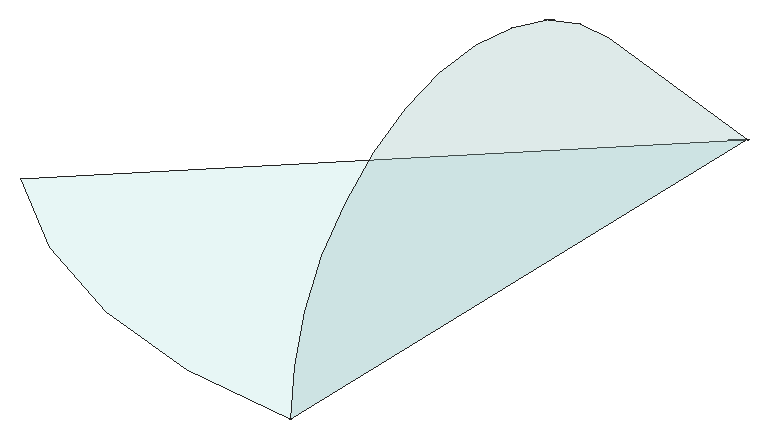
Revit family "Rotor XLR Series - IXLR44", category Acessórios do tubo, Revit 2020
Family settings
  Cota do conector redondo = Utilizar diâmetro
  Tipo de parte = Normal
  Número OmniClass = 23.60.30.11.14
  Título OmniClass = Pipework Fittings
  Com base no plano de trabalho = Não
  Sempre na vertical = Sim
  Corte com vazios quando carregada = Não
  Compartilhado = Não
Parameters (values of type "Nozzle 1.10")
  Water = Water
  URL = "https://www.rainbird.com/"
  TABLE 90 = "TABLE 90psi"
  TABLE 80 = "TABLE 80psi"
  TABLE 60 = "TABLE 60psi"
  TABLE 70 = "TABLE 70psi"
  TABLE 50 = "TABLE 50psi"
  TABLE 40 = "TABLE 40psi"
  TABLE 30 = "TABLE 30psi"
  TABLE 120 = "TABLE 120psi"
  TABLE 110 = "TABLE 110psi"
  TABLE 100 = "TABLE 100psi"
  SupportProjetos: Reviw Date = ""  # constant formula
  SupportProjetos: Reviw = "R00"  # constant formula
  SupportProjetos: Level of Detail = "LOD 300"  # constant formula
  SupportProjetos: Developed = "MICHEL SOARES MOTA"  # constant formula
  SupportProjetos: Creation Date = "14/08/2020"  # constant formula
  Side inlet = no
  Rotation Water Visibility [instance] = Pop up on  # yes
  Rotation Angle [instance] = 45.00°
  RainBird: Product Link = "https://www.rainbird.com/"
  RainBird: Description = "IXLR44 Rotor "  # constant formula
  RainBird: Comment [instance] = ""
  RainBird: Code = "IXLR44"  # constant formula
  Radius [instance] = if(and(Pressure = 30.0 psi, Instance < 10 ft), size_lookup(TABLE 30, "Radius", 0 ft, Instance), if(and(Pressure = 40.0 psi, Instance < 19 ft), size_lookup(TABLE 40, "Radius", 0 ft, Instance), if(and(Pressure = 50.0 psi, Instance < 19 ft), size_lookup(TABLE 50, "Radius", 0 ft, Instance), if(and(Pressure = 60.0 psi, Instance < 19 ft), size_lookup(TABLE 60, "Radius", 0 ft, Instance), if(and(Pressure = 70.0 psi, Instance < 19 ft), size_lookup(TABLE 70, "Radius", 0 ft, Instance), if(and(Pressure = 80.0 psi, Instance < 19 ft), size_lookup(TABLE 80, "Radius", 0 ft, Instance), if(and(Pressure = 90.0 psi, Instance < 19 ft), size_lookup(TABLE 90, "Radius", 0 ft, Instance), if(and(Pressure = 100.0 psi, Instance < 19 ft), size_lookup(TABLE 100, "Radius", 0 ft, Instance), if(and(Pressure = 110.0 psi, Instance < 19 ft), size_lookup(TABLE 100, "Radius", 0 ft, Instance), if(and(Pressure = 120.0 psi, Instance > 10 ft), size_lookup(TABLE 120, "Radius", 0 ft, Instance), 600 ft))))))))))  # 600 ft
  RT = 0.009893 ft
  RN = 0.044578 ft
  R5 = 0.03937 ft
  R4 = 0.052124 ft
  R3 = 0.065617 ft
  R2 = 0.088998 ft
  R1 = 0.032808 ft
  Pressure [instance] = 30.0 psi
  Pop up height = 0.164042 ft
  Pop up on [instance] = yes
  Modelo = "IXLR44"  # constant formula
  Instance = 18 ft
  H1 = Body height / 3  # 0.047351 ft
  Gray Plastic = Gray Plastic
  Flow [instance] = if(and(Pressure = 30.0 psi, Instance < 10 ft), size_lookup(TABLE 30, "Flow", 0.0 GPM, Instance), if(and(Pressure = 40.0 psi, Instance < 19 ft), size_lookup(TABLE 40, "Flow", 0.0 GPM, Instance), if(and(Pressure = 50.0 psi, Instance < 19 ft), size_lookup(TABLE 50, "Flow", 0.0 GPM, Instance), if(and(Pressure = 60.0 psi, Instance < 19 ft), size_lookup(TABLE 60, "Flow", 0.0 GPM, Instance), if(and(Pressure = 70.0 psi, Instance < 19 ft), size_lookup(TABLE 70, "Flow", 0.0 GPM, Instance), if(and(Pressure = 80.0 psi, Instance < 19 ft), size_lookup(TABLE 80, "Flow", 0.0 GPM, Instance), if(and(Pressure = 90.0 psi, Instance < 19 ft), size_lookup(TABLE 90, "Flow", 0.0 GPM, Instance), if(and(Pressure = 100.0 psi, Instance < 19 ft), size_lookup(TABLE 100, "Flow", 0.0 GPM, Instance), if(and(Pressure = 110.0 psi, Instance < 19 ft), size_lookup(TABLE 100, "Flow", 0.0 GPM, Instance), if(and(Pressure = 120.0 psi, Instance > 10 ft), size_lookup(TABLE 120, "Flow", 0.0 GPM, Instance), 0.0 GPM))))))))))  # 0.0 GPM
  Fabricante = "Rain Bird"
  Elevação padrão = 0 ft
  Description = RainBird: Description  # "IXLR44 Rotor "
  DD13 = 0.002625 ft
  DD12 = 0.003937 ft
  DD11 = 0.009897 ft
  DD10 = 0.016404 ft
  DD8 [instance] = if(Pop up on, Pop up height, 0 ft)  # 0.164042 ft
  DD7 = 0.019685 ft
  DD6 [instance] = 0.016404 ft
  DD5 = 0.065617 ft
  DD4 = 0.82021 ft
  DD3 = 0.044055 ft
  DD2 [instance] = 0.024514 ft
  DD9 [instance] = if(Pop up on, Pop up height + 0.049541 ft, 0.026247 ft)  # 0.213583 ft
  DD1 = 0.006562 ft
  DD = 0.492126 ft
  Conection = 0.062664 ft  # constant formula
  Cobre = Cobre
  Body height = 0.142054 ft
  Blue = Blue Plastic
  Black Plastic = Black Plastic
  Angle = 44.00°
Types (10, lengths in ft): name | Radius | Pressure | Instance | Flow | Angle
  (no name) | 600 | 30.0 psi | 18 | 0.0 GPM | 44.00°
  Nozzle 0.47 | 82 | 40.0 psi | 10 | 40.0 GPM | 25.00°
  Nozzle 0.55 | 90 | 40.0 psi | 11 | 55.0 GPM | 25.00°
  Nozzle 0.63 | 600 | 30.0 psi | 12 | 0.0 GPM | 25.00°
  Nozzle 0.71 | 600 | 30.0 psi | 13 | 0.0 GPM | 25.00°
  Nozzle 0.79 | 600 | 30.0 psi | 14 | 0.0 GPM | 25.00°
  Nozzle 0.87 | 600 | 30.0 psi | 15 | 0.0 GPM | 25.00°
  Nozzle 0.94 | 600 | 30.0 psi | 16 | 0.0 GPM | 25.00°
  Nozzle 1.02 | 600 | 30.0 psi | 17 | 0.0 GPM | 25.00°
  Nozzle 1.10 | 600 | 30.0 psi | 18 | 0.0 GPM | 44.00°
Reference planes (ft)
  plane 1 "Centro (Frente/Trás)": y = 0
  plane 2: z = 0
  plane 3 "Centro (Esquerda/Direita)": x = 0
  plane 4: z = 0.003937
  plane 5: z = 0.002625
  plane 6: y = -0.065617
Forms (ft)
  Revolve 1, solid, material "Cobre" <- "Cobre"
    sketch origin (0, 0, 0) x (1, 0, 0) y (0, 0, 1)
      loop
        line (0.088998, -0.044055) -> (0.088998, -0.016154) -> (0.110538, -0.016154) -> (0.110538, 0.02344)
        arc (0.110538, 0.02344) -> (0.108361, 0.028697) -> (0.103103, 0.030875) r 0.007435
        line (0.103103, 0.030875) -> (0.088998, 0.030875) -> (0.088998, 0.041745) -> (0.075211, 0.041745) -> (0.075211, 0.046088) -> (0.006562, 0.046088) -> (0.006562, -0.044055) -> (0.03937, -0.044055) -> (0.03937, -0.051181) -> (0.019685, -0.051181) -> (0.019685, -0.138545) -> (0.044578, -0.138545) -> (0.044578, -0.142054) -> (0.052124, -0.142054) -> (0.052124, -0.138545) -> (0.073088, -0.138545)
        arc (0.073088, -0.138545) -> (0.080084, -0.135647) -> (0.082981, -0.128652) r 0.009893
        line (0.082981, -0.128652) -> (0.082981, -0.044055) -> (0.088998, -0.044055)
      axis (0, -0.142054) -> (0, 0.046088)
    angle from 0 to 360
  Extrusion 2, solid, material "Water" <- "Water", visible <- "Rotation Water Visibility"
    sketch origin (0, 0, 0) x (0, 1, 0) y (0, 0, 1)
      loop
        line (-0.82021, 0.494751) -> (-183.11328, 176.533122)
        arc (-183.11328, 176.533122) -> (-450.06258, 226.364752) -> (-600.82021, 0.494751) r 246.486374
        line (-600.82021, 0.494751) -> (-0.82021, 0.494751)
    from -0.008202 to 0.008202
  Extrusion 3, solid, material "Gray Plastic" <- "Gray Plastic", visible <- "Pop up on"
    sketch origin (-0.00137, -0.002795, -0.035698) x (-0.00469, 0.999989, 0) y (0, 0, 1)
      loop
        line (-0.060666, 0.164299) -> (-0.067193, 0.150302) -> (-0.091523, 0.174632) -> (-0.076533, 0.180087) -> (-0.173316, 0.23824) -> (-0.173316, 0.217407) -> (-0.777521, 0.499153) -> (-0.786354, 0.485017)
        arc (-0.786354, 0.485017) -> (-0.787942, 0.475525) -> (-0.782353, 0.46769) r 0.012575
        line (-0.782353, 0.46769) -> (-0.563338, 0.330834) -> (-0.571008, 0.316408) -> (-0.564625, 0.307292)
        arc (-0.564625, 0.307292) -> (-0.552881, 0.296049) -> (-0.537729, 0.290157) r 0.041667
        line (-0.537729, 0.290157) -> (-0.503282, 0.284083) -> (-0.499035, 0.292071) -> (-0.201965, 0.134116) -> (-0.233075, 0.094297) -> (-0.213694, 0.081224) -> (-0.155969, 0.155109)
        arc (-0.155969, 0.155109) -> (-0.142811, 0.162859) -> (-0.127902, 0.159554) r 0.020833
        line (-0.127902, 0.159554) -> (-0.062866, 0.115687) -> (-0.062866, 0.094673) -> (-0.085994, 0.088245) -> (-0.070938, 0.081224) -> (0.037968, 0.081224) -> (0.040501, 0.065363) -> (0.040501, 0.035698) -> (0.04524, 0.035698) -> (0.050298, 0.081224) -> (0.050298, 0.100559) -> (0.072978, 0.106863)
        arc (0.072978, 0.106863) -> (0.078924, 0.117387) -> (0.068401, 0.123333) r 0.008547
        line (0.068401, 0.123333) -> (0.050298, 0.110657) -> (0.050298, 0.157737)
        arc (0.050298, 0.157737) -> (0.048376, 0.162377) -> (0.043737, 0.164299) r 0.006562
        line (0.043737, 0.164299) -> (-0.060666, 0.164299)
      loop
        line (-0.034211, 0.143466) -> (-0.034211, 0.125376) -> (-0.014598, 0.11623) -> (0.01821, 0.11623) -> (0.040501, 0.108117) -> (0.040501, 0.143466) -> (-0.034211, 0.143466)
      loop
        line (-0.034211, 0.107286) -> (-0.014889, 0.094253) -> (0.040501, 0.094253) -> (0.040501, 0.104202) -> (0.016551, 0.106863) -> (-0.016257, 0.106863) -> (-0.034211, 0.118973) -> (-0.034211, 0.107286)
      loop
        line (-0.489598, 0.297212) -> (-0.199671, 0.149812) -> (-0.182085, 0.167398)
        arc (-0.182085, 0.167398) -> (-0.179498, 0.175243) -> (-0.184266, 0.18199) r 0.009177
        line (-0.184266, 0.18199) -> (-0.471989, 0.334974) -> (-0.489598, 0.297212)
    from -0.012219 to 0.012755
  Blend 4, solid, material "Gray Plastic" <- "Gray Plastic"
    base sketch origin (0, 0, 0.06238) x (1, 0, 0) y (0, 0, 1)
      loop
        circle (-0.001423, 0.087635) r 0.041667
    top sketch origin (0, 0, 0.06238) x (1, 0, 0) y (0, 0, 1)
      loop
        circle (0.000866, 0.336735) r 0.028016
    from 0 to 0.579976
  Extrusion 5, solid, material "Black Plastic" <- "Black Plastic"
    sketch origin (0, 0, 0) x (0, 1, 0) y (0, 0, 1)
      loop
        line (-0.579976, 0.3711) -> (-0.579976, 0.426781) -> (-0.609736, 0.440658) -> (-0.644818, 0.440658) -> (-0.696216, 0.454431) -> (-0.70502, 0.435549) -> (-0.648376, 0.409136) -> (-0.579976, 0.3711)
      loop
        line (-0.780261, 0.463406) -> (-0.726759, 0.438458) -> (-0.737248, 0.463167) -> (-0.776875, 0.476043) -> (-0.780261, 0.463406)
    from -0.0135 to 0.012198
  Extrusion 6, solid, material "Black Plastic" <- "Black Plastic"
    sketch origin (0, 0, 0) x (1, 0, 0) y (0, 1, 0)
      loop
        line (-0.048613, 0.053206) -> (-0.048613, -0.057819) -> (0.046082, -0.057819) -> (0.046082, 0.053206) -> (-0.048613, 0.053206)
      loop
        line (-0.013931, 0.047562) -> (-0.013931, -0.04228) -> (0.011642, -0.04228) -> (0.011642, 0.047562) -> (-0.013931, 0.047562)
    from 0.107768 to 0.175306
Dimensions and locks (ft)
  "Body height": level to Revolve 1 sketch curve
  "R2": Revolve 1 sketch curve to plane 3 "Centro (Esquerda/Direita)"
  "DD3": level to Revolve 1 sketch curve
  Revolve 1 sketch curve to plane 3 "Centro (Esquerda/Direita)" = 0.082981 ft
  "R4": Revolve 1 sketch curve to plane 3 "Centro (Esquerda/Direita)"
  "RN": Revolve 1 sketch curve to plane 3 "Centro (Esquerda/Direita)"
  "DD7": Revolve 1 sketch curve to plane 3 "Centro (Esquerda/Direita)"
  "DD12": plane 4 to level
  "DD13": plane 5 to level
  "R3": plane 6 to plane 1 "Centro (Frente/Trás)"
  "DD4": plane 1 "Centro (Frente/Trás)" to Extrusion 2 sketch curve
  "Radius": Extrusion 2 sketch curve to Extrusion 2 sketch curve
  equal spacing: Extrusion 2, plane 3 "Centro (Esquerda/Direita)", Extrusion 2
  "DD6": Extrusion 2 to Extrusion 2
  "DD": Extrusion 2 sketch curve to plane 5
  "RT": radius of Revolve 1 sketch curve
  "Angle": angle Extrusion 2 sketch curve to Extrusion 2 sketch curve
  aligned and locked: level to plane 2
  aligned and locked: Revolve 1 sketch curve to Revolve 1 sketch curve
Automatic sketch dimensions
  Blend 4 sketch curve to plane 3 "Centro (Esquerda/Direita)" = 0.001423 ft
  plane 4 to Blend 4 sketch curve = 0.146078 ft
  plane 3 "Centro (Esquerda/Direita)" to Blend 4 sketch curve = 0.000866 ft
  plane 4 to Blend 4 sketch curve = 0.395179 ft
  Extrusion 5 sketch curve to plane 6 = 0.711258 ft
  Extrusion 5 sketch curve to Extrusion 5 sketch curve = 0.039627 ft
  Extrusion 5 sketch curve to Extrusion 5 sketch curve = 0.032227 ft
  plane 4 to Extrusion 5 sketch curve = 0.450494 ft
  Extrusion 5 sketch curve to Extrusion 5 sketch curve = 0.008805 ft
  Extrusion 5 sketch curve to Extrusion 5 sketch curve = 0.056644 ft
  Extrusion 5 sketch curve to Extrusion 5 sketch curve = 0.003558 ft
  Extrusion 5 sketch curve to Extrusion 5 sketch curve = 0.035082 ft
  Extrusion 5 sketch curve to Extrusion 5 sketch curve = 0.02976 ft
  Extrusion 5 sketch curve to Extrusion 5 sketch curve = 0.013772 ft
  Extrusion 5 sketch curve to Extrusion 5 sketch curve = 0.018881 ft
  Extrusion 5 sketch curve to Extrusion 5 sketch curve = 0.013877 ft
  Extrusion 5 sketch curve to Extrusion 5 sketch curve = 0.055681 ft
  Extrusion 5 sketch curve to Extrusion 5 sketch curve = 0.008737 ft
  Extrusion 5 sketch curve to Extrusion 5 sketch curve = 0.012876 ft
  Extrusion 5 sketch curve to Extrusion 5 sketch curve = 0.003386 ft
  Extrusion 5 sketch curve to Extrusion 5 sketch curve = 0.021739 ft
  Extrusion 5 sketch curve to Extrusion 5 sketch curve = 0.002909 ft
  Extrusion 5 sketch curve to Extrusion 5 sketch curve = 0.012637 ft
  level to Extrusion 3 sketch curve = 0 ft
  plane 4 to Extrusion 3 sketch curve = 0.445383 ft
  plane 4 to Extrusion 3 sketch curve = 0.428055 ft
  Extrusion 3 sketch curve to Extrusion 3 sketch curve = 0.004 ft
  plane 4 to Extrusion 3 sketch curve = 0.459518 ft
  Extrusion 3 sketch curve to Extrusion 3 sketch curve = 0.008833 ft
  Extrusion 3 sketch curve to Extrusion 3 sketch curve = 0.010664 ft
  plane 4 to Extrusion 3 sketch curve = 0.276773 ft
  Extrusion 3 sketch curve to Extrusion 3 sketch curve = 0.211345 ft
  plane 4 to Extrusion 3 sketch curve = 0.267657 ft
  Extrusion 3 sketch curve to Extrusion 3 sketch curve = 0.006383 ft
  plane 4 to Extrusion 3 sketch curve = 0.291199 ft
  Extrusion 3 sketch curve to Extrusion 3 sketch curve = 0.00767 ft
  plane 4 to Extrusion 3 sketch curve = 0.250523 ft
  Extrusion 3 sketch curve to Extrusion 3 sketch curve = 0.026896 ft
  Extrusion 3 sketch curve to Extrusion 3 sketch curve = 0.032844 ft
  plane 4 to Extrusion 3 sketch curve = 0.244449 ft
  Extrusion 3 sketch curve to Extrusion 3 sketch curve = 0.034447 ft
  plane 4 to Extrusion 3 sketch curve = 0.252436 ft
  Extrusion 3 sketch curve to Extrusion 3 sketch curve = 0.004247 ft
  plane 4 to Extrusion 3 sketch curve = 0.257577 ft
  Extrusion 3 sketch curve to Extrusion 3 sketch curve = 0.009437 ft
  plane 4 to Extrusion 3 sketch curve = 0.29534 ft
  Extrusion 3 sketch curve to Extrusion 3 sketch curve = 0.017609 ft
  plane 4 to Extrusion 3 sketch curve = 0.054662 ft
  Extrusion 3 sketch curve to Extrusion 3 sketch curve = 0.256523 ft
  plane 4 to Extrusion 3 sketch curve = 0.041589 ft  (x2)
  Extrusion 3 sketch curve to Extrusion 3 sketch curve = 0.019381 ft
  plane 4 to Extrusion 3 sketch curve = 0.094481 ft
  plane 4 to Extrusion 3 sketch curve = 0.110178 ft
  Extrusion 3 sketch curve to Extrusion 3 sketch curve = 0.002294 ft
  Extrusion 3 sketch curve to Extrusion 3 sketch curve = 0.011097 ft
  plane 4 to Extrusion 3 sketch curve = 0.142355 ft
  Extrusion 3 sketch curve to Extrusion 3 sketch curve = 0.004308 ft
  plane 4 to Extrusion 3 sketch curve = 0.127763 ft
  Extrusion 3 sketch curve to Extrusion 3 sketch curve = 0.006489 ft
  Extrusion 3 sketch curve to Extrusion 3 sketch curve = 0.01095 ft
  plane 4 to Extrusion 3 sketch curve = 0.115474 ft
  Extrusion 3 sketch curve to Extrusion 3 sketch curve = 0.026117 ft
  Extrusion 3 sketch curve to Extrusion 3 sketch curve = 0.016417 ft
  plane 4 to Extrusion 3 sketch curve = 0.119919 ft
  Extrusion 3 sketch curve to Extrusion 3 sketch curve = 0.01165 ft
  plane 4 to Extrusion 3 sketch curve = 0.134997 ft
  Extrusion 3 sketch curve to Extrusion 3 sketch curve = 0.036379 ft
  plane 4 to Extrusion 3 sketch curve = 0.04861 ft
  Extrusion 3 sketch curve to Extrusion 3 sketch curve = 0.053557 ft
  plane 4 to Extrusion 3 sketch curve = 0.140453 ft
  Extrusion 3 sketch curve to Extrusion 3 sketch curve = 0.01499 ft
  Extrusion 3 sketch curve to Extrusion 3 sketch curve = 0.015057 ft
  plane 4 to Extrusion 3 sketch curve = 0.110667 ft
  Extrusion 3 sketch curve to Extrusion 3 sketch curve = 0.00934 ft
  plane 4 to Extrusion 3 sketch curve = 0.055039 ft
  Extrusion 3 sketch curve to Extrusion 3 sketch curve = 0.008072 ft
  plane 4 to Extrusion 3 sketch curve = 0.124664 ft
  Extrusion 3 sketch curve to Extrusion 3 sketch curve = 0.006527 ft
  plane 4 to Extrusion 3 sketch curve = 0.067651 ft
  Extrusion 3 sketch curve to Extrusion 3 sketch curve = 0.028655 ft
  Extrusion 3 sketch curve to Extrusion 3 sketch curve = 0 ft  (x3)
  plane 4 to Extrusion 3 sketch curve = 0.067228 ft  (x2)
  Extrusion 3 sketch curve to Extrusion 3 sketch curve = 0.017953 ft
  Extrusion 3 sketch curve to Extrusion 3 sketch curve = 0.001369 ft
  Extrusion 3 sketch curve to Extrusion 3 sketch curve = 0.001659 ft  (x2)
  Extrusion 3 sketch curve to Extrusion 3 sketch curve = 0.031149 ft
  Extrusion 3 sketch curve to Extrusion 3 sketch curve = 0.021417 ft
  plane 4 to Extrusion 3 sketch curve = 0.025729 ft
  Extrusion 3 sketch curve to Extrusion 3 sketch curve = 0.002534 ft  (x2)
  Extrusion 3 sketch curve to Extrusion 3 sketch curve = 0.022291 ft
  Extrusion 3 sketch curve to Extrusion 3 sketch curve = 0.003235 ft
  Extrusion 3 sketch curve to Extrusion 3 sketch curve = 0.004739 ft
  plane 4 to Extrusion 3 sketch curve = 0.071023 ft
  Extrusion 3 sketch curve to Extrusion 3 sketch curve = 0.009797 ft
  plane 4 to Extrusion 3 sketch curve = 0.060925 ft
  plane 4 to Extrusion 3 sketch curve = 0.083698 ft
  Extrusion 3 sketch curve to Extrusion 3 sketch curve = 0.018102 ft
  Extrusion 3 sketch curve to Extrusion 3 sketch curve = 0.002289 ft  (x2)
  Extrusion 3 sketch curve to Extrusion 3 sketch curve = 0.006306 ft
  Extrusion 3 sketch curve to Extrusion 3 sketch curve = 0.009949 ft
  Extrusion 3 sketch curve to Extrusion 3 sketch curve = 0.003915 ft
  Extrusion 3 sketch curve to Extrusion 3 sketch curve = 0.021013 ft
  Extrusion 3 sketch curve to Extrusion 3 sketch curve = 0.009367 ft
  Extrusion 3 sketch curve to Extrusion 3 sketch curve = 0.011687 ft
  Extrusion 3 sketch curve to Extrusion 3 sketch curve = 0.006403 ft
  Extrusion 3 sketch curve to Extrusion 3 sketch curve = 0.01809 ft
  Extrusion 3 sketch curve to Extrusion 3 sketch curve = 0.035417 ft
  Extrusion 3 sketch curve to Extrusion 3 sketch curve = 0.020833 ft
  plane 6 to Extrusion 6 sketch curve = 0.007798 ft
  Extrusion 6 sketch curve to plane 3 "Centro (Esquerda/Direita)" = 0.048613 ft
  Extrusion 6 sketch curve to plane 3 "Centro (Esquerda/Direita)" = 0.013931 ft
  plane 3 "Centro (Esquerda/Direita)" to Extrusion 6 sketch curve = 0.011642 ft
  Extrusion 6 sketch curve to Extrusion 6 sketch curve = 0.034439 ft
  plane 6 to Extrusion 6 sketch curve = 0.023337 ft
  Extrusion 6 sketch curve to plane 1 "Centro (Frente/Trás)" = 0.047562 ft
  Extrusion 6 sketch curve to Extrusion 6 sketch curve = 0.005644 ft
  Revolve 1 sketch curve to plane 3 "Centro (Esquerda/Direita)" = 0 ft
  plane 3 "Centro (Esquerda/Direita)" to Revolve 1 sketch curve = 0.006562 ft
  Revolve 1 sketch curve to Revolve 1 sketch curve = 0.019685 ft
  Revolve 1 sketch curve to Revolve 1 sketch curve = 0.013787 ft  (x2)
  Revolve 1 sketch curve to Revolve 1 sketch curve = 0.014105 ft
  Revolve 1 sketch curve to Revolve 1 sketch curve = 0.007435 ft
  Revolve 1 sketch curve to Revolve 1 sketch curve = 0.003509 ft
  Revolve 1 sketch curve to level = 0.051181 ft
  Revolve 1 sketch curve to Revolve 1 sketch curve = 0.007127 ft
  Revolve 1 sketch curve to level = 0.016154 ft
  plane 4 to Revolve 1 sketch curve = 0.019503 ft
  Revolve 1 sketch curve to Revolve 1 sketch curve = 0.010871 ft
  Revolve 1 sketch curve to Revolve 1 sketch curve = 0.004343 ft
  Revolve 1 sketch curve to Revolve 1 sketch curve = 0.074191 ft
  Revolve 1 sketch curve to Revolve 1 sketch curve = 0.918635 ft
  Extrusion 2 sketch curve to level = 0.774337 ft
  radius of Blend 4 sketch curve = 0.041667 ft
  radius of Blend 4 sketch curve = 0.028016 ft
Nested families (ft)
  nested 1: "Water" at (0.00015, 0, 0.375492) x (0, -1, 0) z (0, 0, 1), DT9 <- "DD4", Radius <- "Radius", visible <- "Rotation Water Visibility", Rotation Angle <- "Rotation Angle", type "Water"
    with Rotation Angle 45.00°, Radius 600 ft, DT9 0.82021 ft, DT8 0 ft, DT7 2400 ft, DT4 3000 ft, Angle 2 315.00°
Connectors (ft)
  piping at (0, 0, -0.142054), diameter 2
    settings: on Revolve 1, index 1, connector inside diameter 609.6 mm, connector length 0 ft, flow factor 0, pipe flow 0.0 GPM, pressure drop 0.0 psi, fitting loss kfactor 0, connector angle 0.00°, fixture units 0, engagement length 0 ft, angle of deflection 0.00°, flow configuration 0, flow direction 0, fitting loss method 0, system type 28, joint type 0, gender type 0, connector reference index -1, connector utility 0, adjustable connector no, is connector primary yes, connector description ""
Definition of nested family "Water"
  Parameters (values of type "Water")
    Water Visibility (Circle) = yes
    Water = none
    URL = ""
    SupportProjetos: Reviw Date = ""  # constant formula
    SupportProjetos: Level of Detail = "LOD 300"  # constant formula
    SupportProjetos: Developed = "MICHEL SOARES MOTA"  # constant formula
    SupportProjetos: Creation Date = "16/07/2020"  # constant formula
    Rotation Angle [instance] = 90.00°
    Reviw = "R00"  # constant formula
    Radius [instance] = 14 ft
    Model = ""
    Default Elevation = 4 ft
    Description = ""
    DT9 [instance] = 0.032808 ft
    DT8 [instance] = if(Rotation Angle = 360.00°, 10 ft, 0 ft)  # 0 ft
    DT7 [instance] = 4 * Radius  # 56 ft
    DT4 [instance] = 5 * Radius  # 70 ft
    DT2 = 0.098425 ft  # constant formula
    DT6 = 0 ft
    Angle 2 [instance] = if(Rotation Angle = 360.00°, 180.00°, 360.00° - Rotation Angle)  # 270.00°
  Reference planes (ft)
    plane 1 "Centro (Frente/Trás)": y = 0
    plane 2: z = 0
    plane 3 "Centro (Esquerda/Direita)": x = 0
  Forms (ft)
    Revolve 1, solid, material <- "Water", visible <- "Water Visibility (Circle)"
      sketch origin (0, 0, 0) x (1, 0, 0) y (0, 0, 1)
        loop
          line (0.032808, 0.098425) -> (14.032808, 0.098425) -> (14.032808, 0.119259) -> (0.032808, 0.119259) -> (0.032808, 0.098425)
        axis (0, 0.098425) -> (0, 0.119259)
      angle from 0 to 360
    Extrusion 2, void
      sketch origin (0, 0, 0) x (1, 0, 0) y (0, 1, 0)
        loop
          line (0, 0) -> (70, 0) -> (70, 56)
          arc (70, 56) -> (-70.459018, 51.588344) -> (0, -70) r 81.847109
          line (0, -70) -> (0, 0)
      from 0 to 15.189231
  Cuts and joins
    Extrusion 2 cuts Revolve 1
  Dimensions and locks (ft)
    "DT2": Revolve 1 sketch curve to level
    "DT4": Extrusion 2 sketch curve to Extrusion 2 sketch curve  (x2)
    "DT6": Extrusion 2 sketch curve to plane 3 "Centro (Esquerda/Direita)"
    "DT7": Extrusion 2 sketch curve to Extrusion 2 sketch curve
    "DT8": cut or joined group of Revolve 1, Extrusion 2 to level
    "Radius": Revolve 1 sketch curve to Revolve 1 sketch curve
    "DT9": Revolve 1 sketch curve to plane 3 "Centro (Esquerda/Direita)"
    "Angle 2": angle Extrusion 2 sketch curve to Extrusion 2 sketch curve
    aligned and locked: level to plane 2
    aligned and locked: plane 1 "Centro (Frente/Trás)" to Extrusion 2 sketch curve
  Automatic sketch dimensions
    plane 3 "Centro (Esquerda/Direita)" to Extrusion 2 sketch curve = 1.088227 ft
    Revolve 1 sketch curve to plane 3 "Centro (Esquerda/Direita)" = 0 ft
    Revolve 1 sketch curve to Revolve 1 sketch curve = 0.020833 ft
    Revolve 1 sketch curve to Revolve 1 sketch curve = 0.032113 ft
    Revolve 1 sketch curve to Revolve 1 sketch curve = 10.2693 ft
